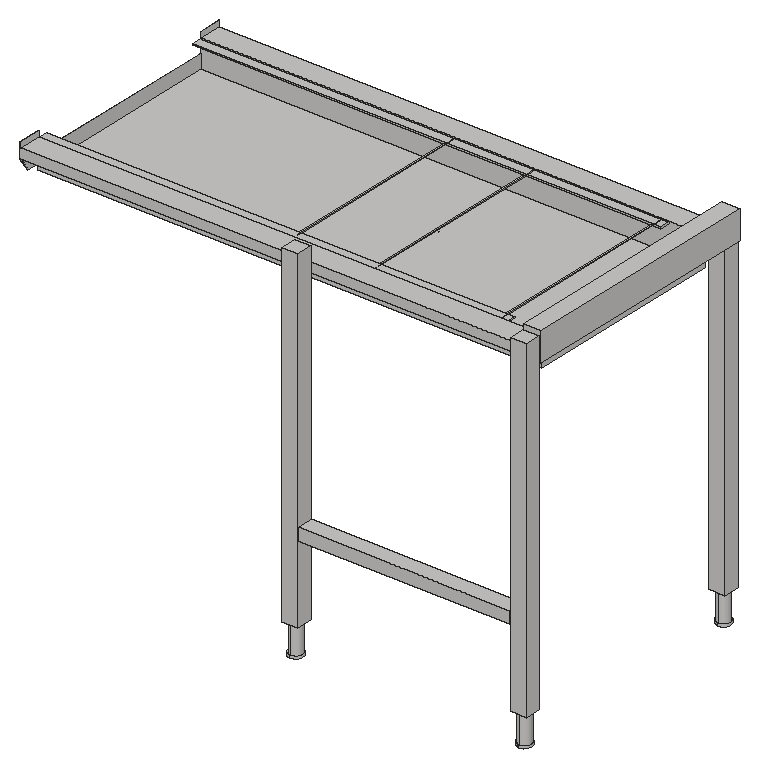
Revit family "QF_ELECTROLUXPROFESSIONAL_863133_HSSL13", category Specialty Equipment, Revit 2018
Family settings
  Round Connector Dimension = Use Diameter
  Part Type = Normal
  Work Plane-Based = No
  Always vertical = Yes
  Cut with Voids When Loaded = No
  Shared = No
  Room Calculation Point = No
Parameters
  Weight = 0.00 kg
  Watts = 0 W
  Volts = 0 V
  URL Manufacturer = "http://professional.electrolux.com/"
  URL = "http://professional.electrolux.com/"
  Steam Supply Size = 0 mm
  Steam Supply Minimum Pressure = 0.0 Pa
  Steam Supply Maximum Pressure = 0.0 Pa
  Steam Pounds per Hour = 0
  Refrigeration Suction Line Size = 0 mm
  Refrigeration Liquid Line Size = 0 mm
  Refrigerant Compressor Remote = yes
  Manufacturer = "Electrolux"
  Phase = 0
  Model = "HSSL13"
  Length Actual = 1300 mm  # constant formula
  Item Number = "863133"
  Hot Water Size = 0 mm
  Height Actual = 922 mm  # constant formula
  HP = "0 HP"
  Gas Size = 0 mm
  Gas KW = 0
  Gas Input Pressure = 0 W
  Description = "SIDE LOADER, DW DRIVEN L=1300"
  Depth Actual = 623 mm  # constant formula
  Cycle = 0 Hz
  Condensate Return Size = 0 mm
  Compressed Air Volume = 0.0 L/s
  Compressed Air Size = 0 mm
  Compressed Air Pressure = 0.0 Pa
  Cold Water Size = 0 mm
  Accessory = yes
Reference planes
  plane 1 "Centro (Fronte/Retro)": y = 74.737
  plane 2: z = 0
  plane 3 "LEFT": x = -1538.761
  plane 4 "BACK": y = 384.737
  plane 5 "FRONT": y = -235.263
  plane 6 "RIGHT": x = -238.761
  plane 7: z = 887.1
  plane 8: x = -838.761
Forms (mm)
  Extrusion 1, solid, material "QF_Finishes_Stainless Steel"
    sketch origin (11.239, 0, 0) x (0, 1, 0) y (0, 0, 1)
      loop
        line (-235.263, 874.1) -> (-235.263, 850.033) -> (-178.263, 850.033) -> (-178.263, 874.1) -> (-235.263, 874.1)
      loop
        line (384.737, 874.1) -> (327.737, 874.1) -> (327.737, 850.033) -> (384.737, 850.033) -> (384.737, 874.1)
    from -1548.8 to -293.54
  Extrusion 2, solid, material "QF_Finishes_Stainless Steel"
    sketch origin (11.239, 0, 0) x (0, 1, 0) y (0, 0, 1)
      loop
        line (-179.749, 850.033) -> (-179.749, 800.081) -> (329.266, 800.081) -> (329.266, 850.033) -> (327.737, 850.033) -> (327.737, 803.081) -> (-178.263, 803.081) -> (-178.263, 850.033) -> (-179.749, 850.033)
    from -1548.8 to -293.54
  Extrusion 3, solid, material "QF_Finishes_Stainless Steel"
    sketch origin (1218.899, 723.253, 4000) x (0, 1, 0) y (0, 0, 1)
      loop
        line (-903.002, -3149.967) -> (-903.002, -3199.919) -> (-393.987, -3199.919) -> (-393.987, -3149.967) -> (-903.002, -3149.967)
    from -1500 to -1501.2
  Extrusion 4, solid, material "QF_Finishes_Stainless Steel"
    sketch origin (-548.761, 803.498, 0) x (0, 1, 0) y (0, 0, 1)
      loop
        line (-1079.929, 300) -> (-1079.929, 270) -> (-1039.929, 270) -> (-1039.929, 300) -> (-1079.929, 300)
    from -264.04 to 266.46
  Extrusion 5, solid, material "QF_Finishes_Stainless Steel"
    sketch origin (-37.561, 723.253, 4000) x (0, 1, 0) y (0, 0, 1)
      loop
        line (-958.516, -3112.9) -> (-958.516, -3149.967) -> (-934.752, -3185.632) -> (-903.002, -3185.632) -> (-903.002, -3199.919) -> (-382.009, -3199.919) -> (-382.009, -3185.632) -> (-362.281, -3185.632) -> (-338.516, -3149.967) -> (-338.516, -3112.9) -> (-395.516, -3112.9) -> (-395.516, -3161.926) -> (-901.516, -3161.926) -> (-901.516, -3112.9) -> (-958.516, -3112.9)
    from -1500 to -1501.2
  Extrusion 6, solid, material "QF_Finishes_Stainless Steel"
    sketch origin (800, 74.737, 0) x (1, 0, 0) y (0, 0, 1)
      loop
        line (-1082.301, 922.1) -> (-1082.301, 850.033) -> (-1038.761, 850.033) -> (-1038.761, 922.1) -> (-1082.301, 922.1)
    from -310 to 310
  Extrusion 7, solid, material "QF_Finishes_Stainless Steel"
    sketch origin (11.239, 0, 40) x (0, 1, 0) y (0, 0, 1)
      loop
        line (-178.263, 831.1) -> (-178.263, 828.1) -> (-152.853, 828.1) -> (-152.853, 831.1) -> (-178.263, 831.1)
      loop
        line (327.737, 828.1) -> (327.737, 831.1) -> (302.405, 831.1) -> (302.405, 828.1) -> (327.737, 828.1)
    from -1548.8 to -381.964
  Extrusion 8, solid, material "QF_Finishes_Stainless Steel"
    sketch origin (0, 74.737, 0) x (1, 0, 0) y (0, 0, 1)
      loop
        circle (-394.266, 866.614) r 1.486
      loop
        circle (-710.724, 866.614) r 1.486
      loop
        circle (-910.724, 866.614) r 1.486
    from -253 to 253
  Revolve 9, solid, material "QF_Finishes_Stainless Steel"
    sketch origin (-838.761, 0, 182.048) x (0, 1, 0) y (0, 0, 1)
      loop
        line (74.737, 618.033) -> (-1.756, 618.033) -> (-1.756, 601.823) -> (0.354, 601.823)
        arc (0.354, 601.823) -> (3.64, 597.973) -> (0.351, 594.125) r 3.897
        line (0.351, 594.125) -> (-1.756, 594.125) -> (-1.756, 551.31)
        arc (-1.756, 551.31) -> (8.91, 520.632) -> (36.296, 503.17) r 49.497
        line (36.296, 503.17) -> (36.296, 500.684) -> (37.487, 497.398) -> (51.25, 491.407) -> (51.25, 455.535) -> (52.727, 454.059) -> (74.737, 454.059) -> (74.737, 618.033)
      axis (74.737, 454.059) -> (74.737, 618.033)
    angle from 0 to 360
Cuts and joins
  joined: Extrusion 1, Extrusion 2, Extrusion 3, Extrusion 5, Extrusion 6, Extrusion 7, Extrusion 8
Lines and regions (mm)
  Masking region 1
    outline origin (0, 0, 0) x (1, 0, 0) y (0, 1, 0)
      loop
        line (-1538.761, 384.737) -> (-1538.761, -235.263) -> (-238.761, -235.263) -> (-238.761, 384.737) -> (-1538.761, 384.737)
  Split face 1
    outline origin (-572.301, 327.737, 803.081) x (-1, 0, 0) y (0, -1, 0)
      loop
        circle (266.46, 253) r 53
  Split face 2
    outline origin (-572.301, 327.737, 803.081) x (-1, 0, 0) y (0, -1, 0)
      loop
        circle (266.46, 253) r 36
  Split face 3
    outline origin (-572.301, 327.737, 803.081) x (-1, 0, 0) y (0, -1, 0)
      loop
        circle (266.46, 253) r 9.1
  Split face 4
    outline origin (-572.301, 327.737, 803.081) x (-1, 0, 0) y (0, -1, 0)
      loop
        circle (266.46, 253) r 3
  Split face 5
    outline origin (-572.301, 327.737, 803.081) x (-1, 0, 0) y (0, -1, 0)
      loop
        circle (266.46, 253) r 26
  symbolic lines
    curve 1: line (-238.761, 384.737, 0) -> (-1538.761, 384.737, 0)
    curve 2: line (-238.761, -235.263, 0) -> (-238.761, 384.737, 0)
    curve 3: line (-1538.761, -235.263, 0) -> (-238.761, -235.263, 0)
    curve 4: line (-282.301, -178.263, 0) -> (-1538.761, -178.263, 0)
    curve 5: line (-282.301, -235.263, 0) -> (-282.301, 384.737, 0)
    curve 6: line (-370.724, -178.263, 0) -> (-370.724, -152.853, 0)
    curve 7: line (-370.724, -152.853, 0) -> (-1538.761, -152.853, 0)
    curve 8: line (-912.211, -152.853, 0) -> (-912.211, 302.327, 0)
    curve 9: line (-1538.761, 327.737, 0) -> (-282.301, 327.737, 0)
    curve 10: line (-909.239, 302.327, 0) -> (-909.239, -152.853, 0)
    curve 11: line (-395.752, -152.853, 0) -> (-395.752, 302.327, 0)
    curve 12: line (-392.779, 302.147, 0) -> (-392.779, -152.853, 0)
    curve 13: line (-370.724, 327.737, 0) -> (-370.724, 302.327, 0)
    curve 14: line (-370.724, 302.327, 0) -> (-1538.761, 302.327, 0)
    curve 15: line (-1538.761, 74.737, 0) -> (-1508.761, 74.737, 0)
    curve 16: line (-547.551, -235.263, 0) -> (-547.551, -205.263, 0)
    curve 17: arc (-838.761, -1.756, 0) -> (-915.254, 74.737, 0) -> (-838.761, 151.231, 0) r 76.494
    curve 18: arc (-838.761, 151.231, 0) -> (-762.267, 74.737, 0) -> (-838.761, -1.756, 0) r 76.494
    curve 19: arc (-838.761, 96.747, 0) -> (-860.771, 74.737, 0) -> (-838.761, 52.727, 0) r 22.01
    curve 20: arc (-838.761, 52.727, 0) -> (-816.751, 74.737, 0) -> (-838.761, 96.747, 0) r 22.01
    curve 21: line (-712.211, -152.853, 0) -> (-712.211, 302.327, 0)
    curve 22: line (-709.239, 302.327, 0) -> (-709.239, -152.853, 0)
Dimensions and locks
  plane 3 "LEFT" to plane 6 "RIGHT" = 1300 mm
  equal spacing: plane 4 "BACK", plane 1 "Centro (Fronte/Retro)", plane 5 "FRONT"
  plane 4 "BACK" to plane 5 "FRONT" = 620 mm
  cut or joined group of Extrusion 1, Extrusion 2, Extrusion 3, Extrusion 5, Extrusion 6, Extrusion 7, Extrusion 8 to cut or joined group of Extrusion 1, Extrusion 2, Extrusion 3, Extrusion 5, Extrusion 6, Extrusion 7, Extrusion 8 = 506 mm
  Extrusion 8 sketch curve to Extrusion 8 sketch curve to Extrusion 8 sketch curve to plane 6 "RIGHT" = 200 mm locked, 316.459 mm locked, 155.505 mm locked
  plane 8 to plane 6 "RIGHT" = 600 mm
  aligned and locked: level to plane 2
Automatic sketch dimensions
  plane 5 "FRONT" to Extrusion 2 sketch curve = 55.514 mm
  Extrusion 2 sketch curve to Extrusion 2 sketch curve = 1.486 mm
  Extrusion 2 sketch curve to plane 4 "BACK" = 57 mm
  Extrusion 2 sketch curve to Extrusion 2 sketch curve = 1.529 mm
  Extrusion 2 sketch curve to plane 7 = 87.019 mm
  Extrusion 2 sketch curve to Extrusion 2 sketch curve = 3 mm
  Extrusion 2 sketch curve to plane 7 = 37.067 mm  (x2)
  plane 5 "FRONT" to Extrusion 3 sketch curve = 55.514 mm
  Extrusion 3 sketch curve to plane 4 "BACK" = 55.471 mm
  Extrusion 3 sketch curve to plane 7 = 87.019 mm
  Extrusion 3 sketch curve to plane 7 = 37.067 mm
  Masking region 1 sketch curve to plane 3 "LEFT" = 0 mm
  Masking region 1 sketch curve to plane 5 "FRONT" = 0 mm
  Masking region 1 sketch curve to plane 6 "RIGHT" = 0 mm
  Masking region 1 sketch curve to plane 4 "BACK" = 0 mm
  Extrusion 4 sketch curve to plane 5 "FRONT" = 41.168 mm
  Extrusion 4 sketch curve to plane 5 "FRONT" = 1.168 mm
  level to Extrusion 4 sketch curve = 270 mm
  Extrusion 4 sketch curve to Extrusion 4 sketch curve = 30 mm
  Extrusion 5 sketch curve to plane 5 "FRONT" = 0 mm
  Extrusion 5 sketch curve to plane 7 = 0 mm  (x2)
  Extrusion 5 sketch curve to plane 4 "BACK" = 0 mm
  plane 5 "FRONT" to Extrusion 5 sketch curve = 23.764 mm
  Extrusion 5 sketch curve to Extrusion 5 sketch curve = 31.75 mm
  plane 5 "FRONT" to Extrusion 5 sketch curve = 57 mm
  Extrusion 5 sketch curve to plane 4 "BACK" = 57 mm
  Extrusion 5 sketch curve to Extrusion 5 sketch curve = 13.508 mm
  Extrusion 5 sketch curve to Extrusion 5 sketch curve = 19.728 mm
  Extrusion 5 sketch curve to plane 7 = 37.067 mm  (x2)
  Extrusion 5 sketch curve to Extrusion 5 sketch curve = 11.959 mm
  Extrusion 5 sketch curve to Extrusion 5 sketch curve = 23.706 mm  (x2)
  Extrusion 5 sketch curve to Extrusion 5 sketch curve = 14.287 mm
  Extrusion 6 sketch curve to plane 6 "RIGHT" = 0 mm
  Extrusion 6 sketch curve to plane 6 "RIGHT" = 43.54 mm
  Extrusion 6 sketch curve to plane 7 = 37.067 mm
  plane 7 to Extrusion 6 sketch curve = 35 mm
  plane 5 "FRONT" to Extrusion 7 sketch curve = 57 mm
  Extrusion 7 sketch curve to plane 4 "BACK" = 57 mm
  Extrusion 7 sketch curve to plane 7 = 16 mm  (x2)
  Extrusion 7 sketch curve to Extrusion 7 sketch curve = 25.41 mm
  Extrusion 7 sketch curve to Extrusion 7 sketch curve = 25.332 mm
  Extrusion 7 sketch curve to Extrusion 7 sketch curve = 3 mm  (x2)
  Extrusion 1 sketch curve to plane 5 "FRONT" = 0 mm
  Extrusion 1 sketch curve to plane 4 "BACK" = 0 mm
  plane 5 "FRONT" to Extrusion 1 sketch curve = 57 mm
  Extrusion 1 sketch curve to plane 7 = 13 mm  (x2)
  Extrusion 1 sketch curve to plane 4 "BACK" = 57 mm
  Extrusion 1 sketch curve to Extrusion 1 sketch curve = 24.067 mm
  Extrusion 1 sketch curve to plane 7 = 37.067 mm
  plane 1 "Centro (Fronte/Retro)" to Revolve 9 sketch curve = 76.494 mm
  Revolve 9 sketch curve to Revolve 9 sketch curve = 0 mm  (x2)
  Revolve 9 sketch curve to Revolve 9 sketch curve = 1.5 mm
  Revolve 9 sketch curve to Revolve 9 sketch curve = 2.107 mm
  Revolve 9 sketch curve to Revolve 9 sketch curve = 2.11 mm
  plane 1 "Centro (Fronte/Retro)" to Revolve 9 sketch curve = 38.441 mm
  Revolve 9 sketch curve to Revolve 9 sketch curve = 1.191 mm
  plane 1 "Centro (Fronte/Retro)" to Revolve 9 sketch curve = 26.996 mm
  Revolve 9 sketch curve to Revolve 9 sketch curve = 13.764 mm
  Revolve 9 sketch curve to Revolve 9 sketch curve = 1.476 mm  (x2)
  Revolve 9 sketch curve to Revolve 9 sketch curve = 22.01 mm
  Revolve 9 sketch curve to plane 7 = 250.993 mm
  Revolve 9 sketch curve to Revolve 9 sketch curve = 35.872 mm
  Revolve 9 sketch curve to Revolve 9 sketch curve = 5.991 mm
  Revolve 9 sketch curve to Revolve 9 sketch curve = 3.286 mm
  Revolve 9 sketch curve to Revolve 9 sketch curve = 2.486 mm
  Revolve 9 sketch curve to Revolve 9 sketch curve = 48.139 mm
  Revolve 9 sketch curve to Revolve 9 sketch curve = 42.815 mm
  Revolve 9 sketch curve to Revolve 9 sketch curve = 3.849 mm
  Revolve 9 sketch curve to Revolve 9 sketch curve = 66.706 mm
  Revolve 9 sketch curve to Revolve 9 sketch curve = 3 mm
  Revolve 9 sketch curve to Revolve 9 sketch curve = 14.991 mm
  Extrusion 8 sketch curve to plane 7 = 20.486 mm  (x3)
  cut or joined group of Extrusion 1, Extrusion 2, Extrusion 3, Extrusion 5, Extrusion 6, Extrusion 7, Extrusion 8 to Split face 1 sketch curve = 556.46 mm
  cut or joined group of Extrusion 1, Extrusion 2, Extrusion 3, Extrusion 5, Extrusion 6, Extrusion 7, Extrusion 8 to Split face 1 sketch curve = 253 mm
  cut or joined group of Extrusion 1, Extrusion 2, Extrusion 3, Extrusion 5, Extrusion 6, Extrusion 7, Extrusion 8 to Split face 2 sketch curve = 556.46 mm
  cut or joined group of Extrusion 1, Extrusion 2, Extrusion 3, Extrusion 5, Extrusion 6, Extrusion 7, Extrusion 8 to Split face 2 sketch curve = 253 mm
  cut or joined group of Extrusion 1, Extrusion 2, Extrusion 3, Extrusion 5, Extrusion 6, Extrusion 7, Extrusion 8 to Split face 3 sketch curve = 556.46 mm
  cut or joined group of Extrusion 1, Extrusion 2, Extrusion 3, Extrusion 5, Extrusion 6, Extrusion 7, Extrusion 8 to Split face 3 sketch curve = 253 mm
  cut or joined group of Extrusion 1, Extrusion 2, Extrusion 3, Extrusion 5, Extrusion 6, Extrusion 7, Extrusion 8 to Split face 4 sketch curve = 556.46 mm
  cut or joined group of Extrusion 1, Extrusion 2, Extrusion 3, Extrusion 5, Extrusion 6, Extrusion 7, Extrusion 8 to Split face 4 sketch curve = 253 mm
  cut or joined group of Extrusion 1, Extrusion 2, Extrusion 3, Extrusion 5, Extrusion 6, Extrusion 7, Extrusion 8 to Split face 5 sketch curve = 556.46 mm
  cut or joined group of Extrusion 1, Extrusion 2, Extrusion 3, Extrusion 5, Extrusion 6, Extrusion 7, Extrusion 8 to Split face 5 sketch curve = 253 mm
  curve 17 to curve 18 = 0 mm  (x2)
  curve 17 to curve 19 = 0 mm  (x2)
  curve 17 to curve 20 = 0 mm  (x2)
  curve 18 to curve 19 = 0 mm  (x2)
  curve 18 to curve 20 = 0 mm  (x2)
  curve 19 to curve 20 = 0 mm  (x2)
  curve 14 to plane 3 "LEFT" = 0 mm
  curve 1 to plane 3 "LEFT" = 0 mm
  plane 1 "Centro (Fronte/Retro)" to curve 15 = 0 mm
  curve 15 to plane 3 "LEFT" = 0 mm
  curve 4 to plane 3 "LEFT" = 0 mm
  curve 3 to plane 3 "LEFT" = 0 mm
  curve 9 to plane 3 "LEFT" = 0 mm
  curve 7 to plane 3 "LEFT" = 0 mm
  plane 1 "Centro (Fronte/Retro)" to curve 20 = 0 mm
  curve 20 to plane 8 = 0 mm
  curve 16 to plane 5 "FRONT" = 0 mm
  curve 5 to plane 4 "BACK" = 0 mm
  curve 2 to plane 6 "RIGHT" = 0 mm
  curve 13 to plane 6 "RIGHT" = 131.964 mm
  curve 7 to plane 6 "RIGHT" = 131.964 mm
  plane 5 "FRONT" to curve 6 = 82.41 mm
  curve 13 to plane 4 "BACK" = 82.41 mm
  curve 15 to curve 15 = 30 mm
  curve 8 to plane 8 = 73.45 mm
  curve 8 to curve 10 = 2.973 mm
  plane 8 to curve 21 = 126.55 mm
  curve 21 to curve 22 = 2.973 mm
  curve 22 to curve 16 = 161.688 mm
  curve 11 to curve 13 = 25.027 mm
  curve 11 to curve 12 = 2.973 mm
  curve 5 to curve 1 = 43.54 mm
  plane 5 "FRONT" to curve 16 = 30 mm
  curve 4 to curve 7 = 25.41 mm
  curve 18 to curve 17 = 76.494 mm
  curve 20 to curve 17 = 22.01 mm
  curve 12 to curve 11 = 0.181 mm
  curve 13 to curve 13 = 25.41 mm
  radius of Extrusion 8 sketch curve = 1.486 mm  (x3)
  radius of Split face 1 sketch curve = 53 mm
  radius of Split face 2 sketch curve = 36 mm
  radius of Split face 3 sketch curve = 9.1 mm
  radius of Split face 4 sketch curve = 3 mm
  radius of Split face 5 sketch curve = 26 mm
Nested families
  nested 1: "Foot_40x40" at (-832.801, -256.431, 0) x (0, 1, 0) z (0, 0, 1), type "Foot_40x40"
    with A 910 mm
  nested 2: "Foot_40x40" at (-262.253, -256.431, 0) x (0, 1, 0) z (0, 0, 1), type "Foot_40x40"
    with A 910 mm
  nested 3: "Foot_40x40" at (-262.253, 363.569, 0) x (0, 1, 0) z (0, 0, 1), type "Foot_40x40"
    with A 850.033 mm
Connectors
  piping at (-838.761, 74.737, 636.107), diameter 30
    settings: on Revolve 9, index 1, connector inside diameter 609.6 mm, connector length 0 mm, flow factor 0, pipe flow 0.0 L/s, pressure drop 0.0 Pa, fitting loss kfactor 0, connector angle 0.00°, fixture units 0, engagement length 0 mm, angle of deflection 0.00°, flow configuration 1, flow direction 2, fitting loss method 0, system type 16, joint type 0, gender type 0, connector reference index -1, connector utility 0, adjustable connector no, is connector primary yes, connector description "Drain"
Definition of nested family "Foot_40x40"
  Parameters
    A [instance] = 850 mm
  Reference planes
    plane 1 "Centro (Fronte/Retro)": y = 0
    plane 2: z = 0
    plane 3 "Centro (Sinistra/Destra)": x = 0
    plane 4: z = 850
  Forms (mm)
    Extrusion 1, solid
      sketch origin (0, 0, 0) x (1, 0, 0) y (0, 1, 0)
        loop
          circle (0, 0) r 18
      from 0 to 5
    Extrusion 2, solid
      sketch origin (0, 0, 5) x (1, 0, 0) y (0, 1, 0)
        loop
          circle (0, 0) r 15
      from 0 to 70
    Extrusion 3, solid
      sketch origin (0, 0, 75) x (1, 0, 0) y (0, 1, 0)
        loop
          line (-20, 20) -> (-20, -20) -> (20, -20) -> (20, 20) -> (-20, 20)
      from 0 to 775
  Dimensions and locks
    "A": plane 4 to plane 2
    aligned and locked: level to plane 2
    aligned and locked: plane 4 to Extrusion 3
    aligned and locked: Extrusion 1 to level
  Automatic sketch dimensions
    plane 1 "Centro (Fronte/Retro)" to Extrusion 1 sketch curve = 0 mm
    Extrusion 1 sketch curve to plane 3 "Centro (Sinistra/Destra)" = 0 mm
    Extrusion 3 sketch curve to Extrusion 3 sketch curve = 40 mm  (x2)
    radius of Extrusion 1 sketch curve = 18 mm
    radius of Extrusion 2 sketch curve to Extrusion 1 = 3 mm
